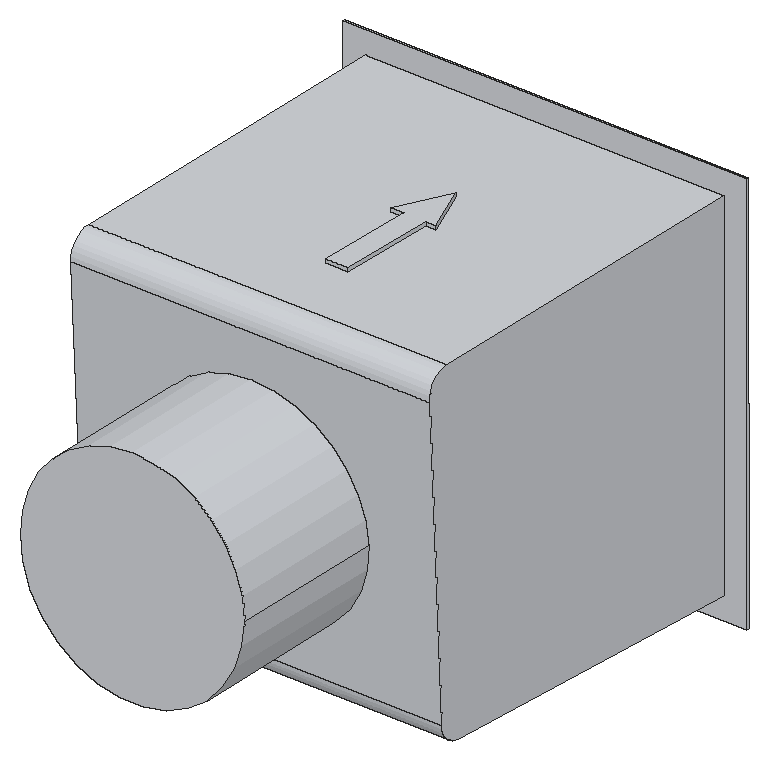
Revit family "SVE-50", category Generic Models, Revit 2019
Family settings
  Can host rebar = No
  Round Connector Dimension = Use Diameter
  Part Type = Normal
  Work Plane-Based = No
  Always vertical = Yes
  Cut with Voids When Loaded = No
  Shared = No
  Room Calculation Point = No
Reference planes (in)
  plane 1 "Center (Front/Back)": y = 0
  plane 2: z = 0
  plane 3 "Center (Left/Right)": x = 0
Forms (in)
  Extrusion 1, solid
    sketch origin (0, 0, 0) x (0, 1, 0) y (0, 0, 1)
      loop
        line (0, 0) -> (0, 8) -> (-7.76688, 8)
        arc (-7.76688, 8) -> (-8.12956, 7.84418) -> (-8.26619, 7.47383) r 0.5
        line (-8.26619, 7.47383) -> (-7.91975, 0.86341)
        arc (-7.91975, 0.86341) -> (-7.77399, 0.53602) -> (-7.44661, 0.39026) r 0.5
        line (-7.44661, 0.39026) -> (0, 0)
    from 0.00895 to 8
  Extrusion 2, solid
    sketch origin (0, 0, 0) x (1, 0, 0) y (0, 0, 1)
      loop
        line (8.5, 8.5) -> (-0.5, 8.5) -> (-0.5, -0.5) -> (8.5, -0.5) -> (8.5, 8.5)
    from 0 to 0.05
  Extrusion 3, solid
    sketch origin (0, 0, 0) x (1, 0, 0) y (0, 0, 1)
      loop
        circle (4, 4) r 2.5
    from 0 to 11.54201
  Extrusion 4, void
    sketch origin (0, 0, 0) x (1, 0, 0) y (0, 0, 1)
      loop
        line (0.13966, 0.41297) -> (7.86298, 0.41297) -> (7.86298, 7.66297) -> (0.13966, 7.66297) -> (0.13966, 0.41297)
    from 0 to 1.25
  Extrusion 5, solid
    sketch origin (0, 0, -1) x (0, 1, 0) y (0, 0, -1)
      loop
        arc (-1.33215, -7.42053) -> (-0.58339, -7.22164) -> (0.04024, -6.76197) r 2.07508
        line (0.04024, -6.76197) -> (0.01193, -6.73366)
        arc (0.01193, -6.73366) -> (-0.59872, -7.18463) -> (-1.33215, -7.38043) r 2.03508
        line (-1.33215, -7.38043) -> (-1.33215, -7.42053)
    from -7.86298 to -0.13966
  Extrusion 6, solid
    sketch origin (0, 0, -2) x (0, 1, 0) y (0, 0, -1)
      loop
        arc (-1.33215, -7.42053) -> (-0.58339, -7.22164) -> (0.04024, -6.76197) r 2.07508
        line (0.04024, -6.76197) -> (0.01193, -6.73366)
        arc (0.01193, -6.73366) -> (-0.59872, -7.18463) -> (-1.33215, -7.38043) r 2.03508
        line (-1.33215, -7.38043) -> (-1.33215, -7.42053)
    from -7.86298 to -0.13966
  Extrusion 7, solid
    sketch origin (0, 0, -3) x (0, 1, 0) y (0, 0, -1)
      loop
        arc (-1.33215, -7.42053) -> (-0.58339, -7.22164) -> (0.04024, -6.76197) r 2.07508
        line (0.04024, -6.76197) -> (0.01193, -6.73366)
        arc (0.01193, -6.73366) -> (-0.59872, -7.18463) -> (-1.33215, -7.38043) r 2.03508
        line (-1.33215, -7.38043) -> (-1.33215, -7.42053)
    from -7.86298 to -0.13966
  Extrusion 8, solid
    sketch origin (0, 0, -4) x (0, 1, 0) y (0, 0, -1)
      loop
        arc (-1.33215, -7.42053) -> (-0.58339, -7.22164) -> (0.04024, -6.76197) r 2.07508
        line (0.04024, -6.76197) -> (0.01193, -6.73366)
        arc (0.01193, -6.73366) -> (-0.59872, -7.18463) -> (-1.33215, -7.38043) r 2.03508
        line (-1.33215, -7.38043) -> (-1.33215, -7.42053)
    from -7.86298 to -0.13966
  Extrusion 9, solid
    sketch origin (0, 0, 0) x (0, 1, 0) y (0, 0, -1)
      loop
        arc (-1.33215, -7.42053) -> (-0.58339, -7.22164) -> (0.04024, -6.76197) r 2.07508
        line (0.04024, -6.76197) -> (0.01193, -6.73366)
        arc (0.01193, -6.73366) -> (-0.59872, -7.18463) -> (-1.33215, -7.38043) r 2.03508
        line (-1.33215, -7.38043) -> (-1.33215, -7.42053)
    from -7.86298 to -0.13966
  Extrusion 10, solid
    sketch origin (0, 0, -5) x (0, 1, 0) y (0, 0, -1)
      loop
        arc (-1.33215, -7.42053) -> (-0.58339, -7.22164) -> (0.04024, -6.76197) r 2.07508
        line (0.04024, -6.76197) -> (0.01193, -6.73366)
        arc (0.01193, -6.73366) -> (-0.59872, -7.18463) -> (-1.33215, -7.38043) r 2.03508
        line (-1.33215, -7.38043) -> (-1.33215, -7.42053)
    from -7.63966 to -0.13966
  Extrusion 11, solid
    sketch origin (0, 0, -6) x (0, 1, 0) y (0, 0, -1)
      loop
        arc (-1.33215, -7.42053) -> (-0.58339, -7.22164) -> (0.04024, -6.76197) r 2.07508
        line (0.04024, -6.76197) -> (0.01193, -6.73366)
        arc (0.01193, -6.73366) -> (-0.59872, -7.18463) -> (-1.33215, -7.38043) r 2.03508
        line (-1.33215, -7.38043) -> (-1.33215, -7.42053)
    from -7.63966 to -0.13966
  Extrusion 12, solid
    sketch origin (-0.16313, -9.17907, 0) x (-0.999848, 0.017432, 0) y (-0.017432, -0.999848, 0)
      loop
        line (-4.69483, -3.00676) -> (-4.69483, -5.11712) -> (-4.91656, -5.11712) -> (-4.44483, -6.25) -> (-3.91656, -5.11712) -> (-4.19483, -5.11712) -> (-4.19483, -3.00676) -> (-4.69483, -3.00676)
    from 7.66297 to 8.08018
Cuts and joins
  Extrusion 4 cuts Extrusion 1
  Extrusion 4 cuts Extrusion 2
  Extrusion 4 cuts Extrusion 3
  joined: Extrusion 1, Extrusion 2, Extrusion 3, Extrusion 5, Extrusion 6, Extrusion 7, Extrusion 8, Extrusion 9, Extrusion 10, Extrusion 11, Extrusion 12
Lines and regions (in)
  model lines
    curve 1: line (0.13966, 0, 0.41297) -> (7.70621, 0, 0.41297)
    curve 2: line (0.13966, 0, 7.66297) -> (0.13966, 0, 0.41297)
    curve 3: line (7.70621, 0, 7.66297) -> (0.13966, 0, 7.66297)
    curve 4: line (7.70621, 0, 7.66297) -> (1.63966, 0, 7.66297)
    curve 5: line (1.63966, 0, 0.41297) -> (7.70621, 0, 0.41297)
    curve 6: line (7.70621, 0, 7.66297) -> (1.63966, 0, 7.66297)
    curve 7: line (1.63966, 0, 0.41297) -> (7.70621, 0, 0.41297)
Dimensions and locks (in)
  Extrusion 1 sketch curve to Extrusion 1 sketch curve = 8.26619"
  cut or joined group 1 (Extrusion 1, Extrusion 2, Extrusion 3, Extrusion 4, Extrusion 5, Extrusion 6, Extrusion 7, Extrusion 8, Extrusion 9, Extrusion 10, Extrusion 11, Extrusion 12) to cut or joined group 1 = 7.99105"
  cut or joined group 1 to cut or joined group 1 = 9"  (x3)
  cut or joined group 1 to cut or joined group 1 = 7.99738"
  aligned and locked: level to plane 2
Connectors (in)
  hvac at (4, -11.54201, 4)
    settings: on cut or joined group 1, index 1, duct flow 0.0 L/s, flow factor 0, pres drop 0.0 Pa, loss coef 0, conn angle 0.00°, conn width 304.8 mm, conn height 304.8 mm, conn diameter 127 mm, duct sys type 3, conn prof type 0, flow config 0, flow direction 1, loss method 0, conn ref index -1, conn util no, is conn primary yes, conn desc ""
